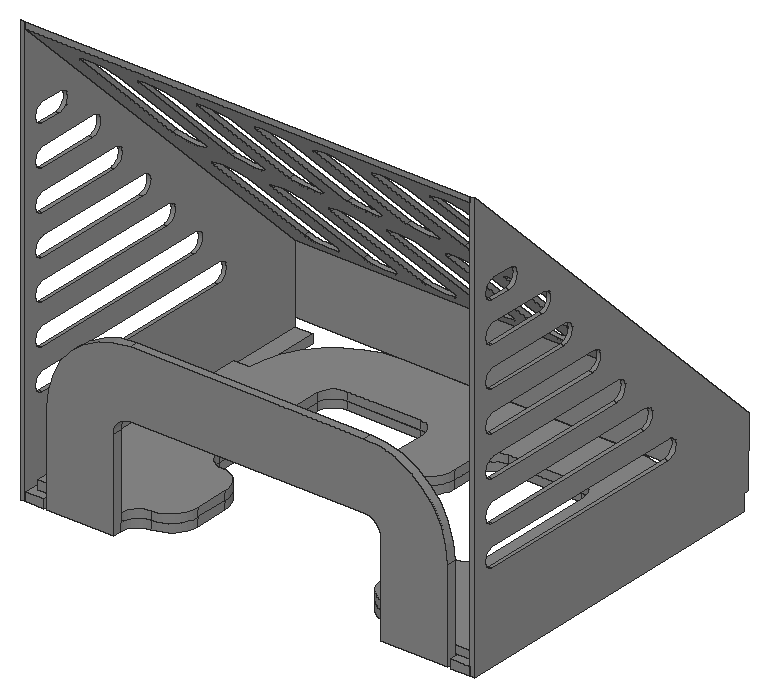
Revit family "Plumbing_Drainage_Menzies-Metal_Strainer-Kit-for-Box-Scupper (4)", category Plumbing Fixtures, host Face, Revit 2018
Family settings
  Host = Face
  Round Connector Dimension = Use Diameter
  Part Type = Normal
  OmniClass Number = 23.70.50.21.24.11
  OmniClass Title = Roof Waste Water Drains
  Cut with Voids When Loaded = No
  Shared = Yes
  Room Calculation Point = No
Parameters (values of type "Strainer Kit for Clamp-TiteBox Scupper")
  Weight = 0.60 lbf
  URL = "https://www.menzies-metal.com/"
  Product data url = "https://bimobject.com/menzies-metal/product/strainer-kit"
  Product Material = Metal - Menzies Metal Products - Mill Aluminum
  Product Guid = "78de3b7e-1688-4911-bb7a-5cdbd38169c8"
  Model = "300-3315"
  Manufacturer = "Menzies Metal Products"  # constant formula
  Edition number = 1
  Description = "\"Strainer Kit for Clamp-Tite Box Scupper\""
  Default Elevation = 4' - 0"
  Assembly Code = "D2040200"
Reference planes (in)
  plane 1 "Center (Front/Back)": y = 0
  plane 2: z = 0
  plane 3 "Center (Left/Right)": x = 0
  plane 4: x = -3.4
  plane 5: x = 3.4
  plane 6: z = 6.395
  plane 7: x = -3.337
  plane 8: x = 3.337
Forms (in)
  Extrusion 1, solid, material "Metal - Menzies Metal Products - Mill Aluminum" <- "Product Material", detail levels coarse
    sketch origin (0, 0, 0) x (0, 1, 0) y (0, 0, 1)
      loop
        line (0, 6.42941) -> (0, 0) -> (5.05013, 0) -> (5.05013, 0.27) -> (5.125, 0.27) -> (5.125, 1.30438) -> (0, 6.42941)
    from -3.4 to 3.4
  Extrusion 2, solid, material "Metal - Menzies Metal Products - Mill Aluminum" <- "Product Material", detail levels coarse
    sketch origin (0, 0, 0) x (0, 1, 0) y (0, 0, 1)
      loop
        line (0.125, 2.62513) -> (0, 2.62513) -> (0, 0) -> (5.05013, 0) -> (5.05013, 0.25) -> (0.125, 0.25) -> (0.125, 2.62513)
    from -3 to 3
  Extrusion 3, solid, material "Metal - Menzies Metal Products - Mill Aluminum" <- "Product Material", detail levels medium+fine
    sketch origin (0, 0, 0) x (1, 0, 0) y (0, 0, 1)
      loop
        arc (-1.75, 2.62513) -> (-2.63388, 2.25902) -> (-3, 1.37513) r 1.25
        line (-3, 1.37513) -> (-3, 0) -> (-2, 0) -> (-2, 1.37513)
        arc (-2, 1.37513) -> (-1.92678, 1.55191) -> (-1.75, 1.62513) r 0.25
        line (-1.75, 1.62513) -> (1.75, 1.62513)
        arc (1.75, 1.62513) -> (1.92678, 1.55191) -> (2, 1.37513) r 0.25
        line (2, 1.37513) -> (2, 0) -> (3, 0) -> (3, 1.37513)
        arc (3, 1.37513) -> (2.63388, 2.25902) -> (1.75, 2.62513) r 1.25
        line (1.75, 2.62513) -> (-1.75, 2.62513)
    from -0.125 to 0
  Extrusion 4, solid, material "Metal - Menzies Metal Products - Mill Aluminum" <- "Product Material", detail levels medium+fine
    sketch origin (0, 0, 0) x (1, 0, 0) y (0, 1, 0)
      loop
        line (-3, 3.80013) -> (-3.25, 3.80013) -> (-3.25, 0.14) -> (-1.99997, 0.14)
        arc (-1.99997, 0.14) -> (-1.93233, 0.31518) -> (-1.76181, 0.39385) r 0.25
        arc (-1.76181, 0.39385) -> (-1.48721, 0.51918) -> (-1.375, 0.7994) r 0.406
        line (-1.375, 0.7994) -> (-1.375, 1.30086)
        arc (-1.375, 1.30086) -> (-1.48721, 1.58108) -> (-1.76181, 1.70641) r 0.406
        arc (-1.76181, 1.70641) -> (-1.93091, 1.78358) -> (-2, 1.95613) r 0.25
        line (-2, 1.95613) -> (-2, 3.80013)
        arc (-2, 3.80013) -> (-1.92678, 3.97691) -> (-1.75, 4.05013) r 0.25
        line (-1.75, 4.05013) -> (-0.656, 4.05013)
        arc (-0.656, 4.05013) -> (-0.47922, 3.97691) -> (-0.406, 3.80013) r 0.25
        line (-0.406, 3.80013) -> (-0.406, 3.36613)
        arc (-0.406, 3.36613) -> (0, 2.96013) -> (0.406, 3.36613) r 0.406
        line (0.406, 3.36613) -> (0.406, 3.80013)
        arc (0.406, 3.80013) -> (0.47922, 3.97691) -> (0.656, 4.05013) r 0.25
        line (0.656, 4.05013) -> (1.75, 4.05013)
        arc (1.75, 4.05013) -> (1.92678, 3.97691) -> (2, 3.80013) r 0.25
        line (2, 3.80013) -> (2, 1.95613)
        arc (2, 1.95613) -> (1.93091, 1.78358) -> (1.76181, 1.70641) r 0.25
        arc (1.76181, 1.70641) -> (1.48721, 1.58108) -> (1.375, 1.30086) r 0.406
        line (1.375, 1.30086) -> (1.375, 0.7994)
        arc (1.375, 0.7994) -> (1.48721, 0.51918) -> (1.76181, 0.39385) r 0.406
        arc (1.76181, 0.39385) -> (1.93233, 0.31518) -> (1.99997, 0.14) r 0.25
        line (1.99997, 0.14) -> (3.25, 0.14) -> (3.25, 3.80013) -> (3, 3.80013)
        arc (3, 3.80013) -> (2.63388, 4.68402) -> (1.75, 5.05013) r 1.25
        line (1.75, 5.05013) -> (-1.75, 5.05013)
        arc (-1.75, 5.05013) -> (-2.63388, 4.68402) -> (-3, 3.80013) r 1.25
    from 0.25 to 0.125
  Extrusion 5, solid, material "Metal - Menzies Metal Products - Mill Aluminum" <- "Product Material", detail levels medium+fine
    sketch origin (0, 0, 0) x (1, 0, 0) y (0, 1, 0)
      loop
        arc (-1.75, 5.05013) -> (-2.63388, 4.68402) -> (-3, 3.80013) r 1.25
        line (-3, 3.80013) -> (-3, 0.125) -> (-1.99927, 0.125)
        arc (-1.99927, 0.125) -> (-1.93738, 0.30963) -> (-1.76181, 0.39385) r 0.25
        arc (-1.76181, 0.39385) -> (-1.48721, 0.51918) -> (-1.375, 0.7994) r 0.406
        line (-1.375, 0.7994) -> (-1.375, 1.30086)
        arc (-1.375, 1.30086) -> (-1.48721, 1.58108) -> (-1.76181, 1.70641) r 0.406
        arc (-1.76181, 1.70641) -> (-1.93091, 1.78358) -> (-2, 1.95613) r 0.25
        line (-2, 1.95613) -> (-2, 3.80013)
        arc (-2, 3.80013) -> (-1.92678, 3.97691) -> (-1.75, 4.05013) r 0.25
        line (-1.75, 4.05013) -> (-0.656, 4.05013)
        arc (-0.656, 4.05013) -> (-0.47922, 3.97691) -> (-0.406, 3.80013) r 0.25
        line (-0.406, 3.80013) -> (-0.406, 3.36613)
        arc (-0.406, 3.36613) -> (0, 2.96013) -> (0.406, 3.36613) r 0.406
        line (0.406, 3.36613) -> (0.406, 3.80013)
        arc (0.406, 3.80013) -> (0.47922, 3.97691) -> (0.656, 4.05013) r 0.25
        line (0.656, 4.05013) -> (1.75, 4.05013)
        arc (1.75, 4.05013) -> (1.92678, 3.97691) -> (2, 3.80013) r 0.25
        line (2, 3.80013) -> (2, 1.95613)
        arc (2, 1.95613) -> (1.93091, 1.78358) -> (1.76181, 1.70641) r 0.25
        arc (1.76181, 1.70641) -> (1.48721, 1.58108) -> (1.375, 1.30086) r 0.406
        line (1.375, 1.30086) -> (1.375, 0.7994)
        arc (1.375, 0.7994) -> (1.48721, 0.51918) -> (1.76181, 0.39385) r 0.406
        arc (1.76181, 0.39385) -> (1.93738, 0.30963) -> (1.99927, 0.125) r 0.25
        line (1.99927, 0.125) -> (3, 0.125) -> (3, 3.80013)
        arc (3, 3.80013) -> (2.63388, 4.68402) -> (1.75, 5.05013) r 1.25
        line (1.75, 5.05013) -> (-1.75, 5.05013)
    from 0 to 0.125
  Extrusion 6, solid, material "Metal - Menzies Metal Products - Mill Aluminum" <- "Product Material", detail levels medium+fine
    sketch origin (0, 0, 0) x (0, 1, 0) y (0, 0, 1)
      loop
        line (5.125, 1.30438) -> (0, 6.42941) -> (0, 0) -> (5.05013, 0) -> (5.05013, 0.25) -> (5.125, 0.25) -> (5.125, 1.30438)
      loop
        line (0.65798, 5.21432) -> (0.35, 5.21432)
        arc (0.35, 5.21432) -> (0.2, 5.06432) -> (0.35, 4.91432) r 0.15
        line (0.35, 4.91432) -> (0.65798, 4.91432)
        arc (0.65798, 4.91432) -> (0.80798, 5.06432) -> (0.65798, 5.21432) r 0.15
      loop
        line (1.28708, 4.61432) -> (0.35, 4.61432)
        arc (0.35, 4.61432) -> (0.2, 4.46432) -> (0.35, 4.31432) r 0.15
        line (0.35, 4.31432) -> (1.28708, 4.31432)
        arc (1.28708, 4.31432) -> (1.43708, 4.46432) -> (1.28708, 4.61432) r 0.15
      loop
        arc (0.35, 4.01432) -> (0.2, 3.86432) -> (0.35, 3.71432) r 0.15
        line (0.35, 3.71432) -> (1.6858, 3.71432)
        arc (1.6858, 3.71432) -> (1.8358, 3.86432) -> (1.6858, 4.01432) r 0.15
        line (1.6858, 4.01432) -> (0.35, 4.01432)
      loop
        arc (0.35, 3.41432) -> (0.2, 3.26432) -> (0.35, 3.11432) r 0.15
        line (0.35, 3.11432) -> (2.22417, 3.11432)
        arc (2.22417, 3.11432) -> (2.37417, 3.26432) -> (2.22417, 3.41432) r 0.15
        line (2.22417, 3.41432) -> (0.35, 3.41432)
      loop
        arc (0.35, 2.81356) -> (0.2, 2.66356) -> (0.35, 2.51356) r 0.15
        line (0.35, 2.51356) -> (2.67876, 2.51356)
        arc (2.67876, 2.51356) -> (2.82876, 2.66356) -> (2.67876, 2.81356) r 0.15
        line (2.67876, 2.81356) -> (0.35, 2.81356)
      loop
        arc (0.35, 2.21356) -> (0.2, 2.06356) -> (0.35, 1.91356) r 0.15
        line (0.35, 1.91356) -> (3.18872, 1.91356)
        arc (3.18872, 1.91356) -> (3.33872, 2.06356) -> (3.18872, 2.21356) r 0.15
        line (3.18872, 2.21356) -> (0.35, 2.21356)
      loop
        arc (0.35, 1.61356) -> (0.2, 1.46356) -> (0.35, 1.31356) r 0.15
        line (0.35, 1.31356) -> (3.63243, 1.31356)
        arc (3.63243, 1.31356) -> (3.78243, 1.46356) -> (3.63243, 1.61356) r 0.15
        line (3.63243, 1.61356) -> (0.35, 1.61356)
    from -3.4 to -3.337
  Extrusion 7, solid, material "Metal - Menzies Metal Products - Mill Aluminum" <- "Product Material", detail levels medium+fine
    sketch origin (0, 0, 0) x (0, 1, 0) y (0, 0, 1)
      loop
        line (3.63243, 1.61356) -> (0.35, 1.61356)
        arc (0.35, 1.61356) -> (0.2, 1.46356) -> (0.35, 1.31356) r 0.15
        line (0.35, 1.31356) -> (3.63243, 1.31356)
        arc (3.63243, 1.31356) -> (3.78243, 1.46356) -> (3.63243, 1.61356) r 0.15
      loop
        line (3.18872, 2.21356) -> (0.35, 2.21356)
        arc (0.35, 2.21356) -> (0.2, 2.06356) -> (0.35, 1.91356) r 0.15
        line (0.35, 1.91356) -> (3.18872, 1.91356)
        arc (3.18872, 1.91356) -> (3.33872, 2.06356) -> (3.18872, 2.21356) r 0.15
      loop
        line (2.67876, 2.81356) -> (0.35, 2.81356)
        arc (0.35, 2.81356) -> (0.2, 2.66356) -> (0.35, 2.51356) r 0.15
        line (0.35, 2.51356) -> (2.67876, 2.51356)
        arc (2.67876, 2.51356) -> (2.82876, 2.66356) -> (2.67876, 2.81356) r 0.15
      loop
        line (2.22417, 3.41432) -> (0.35, 3.41432)
        arc (0.35, 3.41432) -> (0.2, 3.26432) -> (0.35, 3.11432) r 0.15
        line (0.35, 3.11432) -> (2.22417, 3.11432)
        arc (2.22417, 3.11432) -> (2.37417, 3.26432) -> (2.22417, 3.41432) r 0.15
      loop
        line (1.6858, 4.01432) -> (0.35, 4.01432)
        arc (0.35, 4.01432) -> (0.2, 3.86432) -> (0.35, 3.71432) r 0.15
        line (0.35, 3.71432) -> (1.6858, 3.71432)
        arc (1.6858, 3.71432) -> (1.8358, 3.86432) -> (1.6858, 4.01432) r 0.15
      loop
        line (1.28708, 4.61432) -> (0.35, 4.61432)
        arc (0.35, 4.61432) -> (0.2, 4.46432) -> (0.35, 4.31432) r 0.15
        line (0.35, 4.31432) -> (1.28708, 4.31432)
        arc (1.28708, 4.31432) -> (1.43708, 4.46432) -> (1.28708, 4.61432) r 0.15
      loop
        line (0.65798, 5.21432) -> (0.35, 5.21432)
        arc (0.35, 5.21432) -> (0.2, 5.06432) -> (0.35, 4.91432) r 0.15
        line (0.35, 4.91432) -> (0.65798, 4.91432)
        arc (0.65798, 4.91432) -> (0.80798, 5.06432) -> (0.65798, 5.21432) r 0.15
      loop
        line (0, 0) -> (5.05013, 0) -> (5.05013, 0.25) -> (5.125, 0.25) -> (5.125, 1.30438) -> (0, 6.42941) -> (0, 0)
    from 3.337 to 3.4
  Extrusion 8, solid, material "Metal - Menzies Metal Products - Mill Aluminum" <- "Product Material", detail levels medium+fine
    sketch origin (0, 0, 0) x (0, 1, 0) y (0, 0, 1)
      loop
        line (5.0625, 0.25) -> (5.125, 0.25) -> (5.125, 1.30438) -> (0, 6.42941) -> (0, 6.34102) -> (5.0625, 1.27849) -> (5.0625, 0.25)
    from -3.337 to 3.337
  Extrusion 9, void
    sketch origin (0, 0, 0) x (1, 0, 0) y (0, 0, 1)
      loop
        spline (-2.875, 4.15971) -> (-2.86648, 4.11395) -> (-2.84151, 4.07132) -> (-2.80178, 4.03471) -> (-2.75, 4.00661) -> (-2.6897, 3.98895) -> (-2.625, 3.98293) -> (-2.5603, 3.98895) -> (-2.5, 4.00661) -> (-2.44822, 4.03471) -> (-2.40849, 4.07132) -> (-2.38352, 4.11395) -> (-2.375, 4.15971)
        line (-2.375, 4.15971) -> (-2.375, 5.8449)
        spline (-2.375, 5.8449) -> (-2.38352, 5.89065) -> (-2.40849, 5.93329) -> (-2.44822, 5.9699) -> (-2.5, 5.99799) -> (-2.5603, 6.01565) -> (-2.625, 6.02167) -> (-2.6897, 6.01565) -> (-2.75, 5.99799) -> (-2.80178, 5.9699) -> (-2.84151, 5.93329) -> (-2.86648, 5.89065) -> (-2.875, 5.8449)
        line (-2.875, 5.8449) -> (-2.875, 4.15971)
      loop
        spline (-0.25, 4.15971) -> (-0.24148, 4.11395) -> (-0.21651, 4.07132) -> (-0.17678, 4.03471) -> (-0.125, 4.00661) -> (-0.0647, 3.98895) -> (0, 3.98293) -> (0.0647, 3.98895) -> (0.125, 4.00661) -> (0.17678, 4.03471) -> (0.21651, 4.07132) -> (0.24148, 4.11395) -> (0.25, 4.15971)
        line (0.25, 4.15971) -> (0.25, 5.8449)
        spline (0.25, 5.8449) -> (0.24148, 5.89065) -> (0.21651, 5.93329) -> (0.17678, 5.9699) -> (0.125, 5.99799) -> (0.0647, 6.01565) -> (0, 6.02167) -> (-0.0647, 6.01565) -> (-0.125, 5.99799) -> (-0.17678, 5.9699) -> (-0.21651, 5.93329) -> (-0.24148, 5.89065) -> (-0.25, 5.8449)
        line (-0.25, 5.8449) -> (-0.25, 4.15971)
      loop
        spline (-1.99831, 4.15971) -> (-1.98979, 4.11395) -> (-1.96481, 4.07132) -> (-1.92508, 4.03471) -> (-1.87331, 4.00661) -> (-1.81301, 3.98895) -> (-1.74831, 3.98293) -> (-1.6836, 3.98895) -> (-1.62331, 4.00661) -> (-1.57153, 4.03471) -> (-1.5318, 4.07132) -> (-1.50682, 4.11395) -> (-1.49831, 4.15971)
        line (-1.49831, 4.15971) -> (-1.49831, 5.8449)
        spline (-1.49831, 5.8449) -> (-1.50682, 5.89065) -> (-1.5318, 5.93329) -> (-1.57153, 5.9699) -> (-1.62331, 5.99799) -> (-1.6836, 6.01565) -> (-1.74831, 6.02167) -> (-1.81301, 6.01565) -> (-1.87331, 5.99799) -> (-1.92508, 5.9699) -> (-1.96481, 5.93329) -> (-1.98979, 5.89065) -> (-1.99831, 5.8449)
        line (-1.99831, 5.8449) -> (-1.99831, 4.15971)
      loop
        spline (-1.125, 4.15971) -> (-1.11648, 4.11395) -> (-1.09151, 4.07132) -> (-1.05178, 4.03471) -> (-1, 4.00661) -> (-0.9397, 3.98895) -> (-0.875, 3.98293) -> (-0.8103, 3.98895) -> (-0.75, 4.00661) -> (-0.69822, 4.03471) -> (-0.65849, 4.07132) -> (-0.63352, 4.11395) -> (-0.625, 4.15971)
        line (-0.625, 4.15971) -> (-0.625, 5.8449)
        spline (-0.625, 5.8449) -> (-0.63352, 5.89065) -> (-0.65849, 5.93329) -> (-0.69822, 5.9699) -> (-0.75, 5.99799) -> (-0.8103, 6.01565) -> (-0.875, 6.02167) -> (-0.9397, 6.01565) -> (-1, 5.99799) -> (-1.05178, 5.9699) -> (-1.09151, 5.93329) -> (-1.11648, 5.89065) -> (-1.125, 5.8449)
        line (-1.125, 5.8449) -> (-1.125, 4.15971)
      loop
        line (2.875, 4.15971) -> (2.875, 5.8449)
        spline (2.875, 5.8449) -> (2.86648, 5.89065) -> (2.84151, 5.93329) -> (2.80178, 5.9699) -> (2.75, 5.99799) -> (2.6897, 6.01565) -> (2.625, 6.02167) -> (2.5603, 6.01565) -> (2.5, 5.99799) -> (2.44822, 5.9699) -> (2.40849, 5.93329) -> (2.38352, 5.89065) -> (2.375, 5.8449)
        line (2.375, 5.8449) -> (2.375, 4.15971)
        spline (2.375, 4.15971) -> (2.38352, 4.11395) -> (2.40849, 4.07132) -> (2.44822, 4.03471) -> (2.5, 4.00661) -> (2.5603, 3.98895) -> (2.625, 3.98293) -> (2.6897, 3.98895) -> (2.75, 4.00661) -> (2.80178, 4.03471) -> (2.84151, 4.07132) -> (2.86648, 4.11395) -> (2.875, 4.15971)
      loop
        line (1.99831, 4.15971) -> (1.99831, 5.8449)
        spline (1.99831, 5.8449) -> (1.98979, 5.89065) -> (1.96481, 5.93329) -> (1.92508, 5.9699) -> (1.87331, 5.99799) -> (1.81301, 6.01565) -> (1.74831, 6.02167) -> (1.6836, 6.01565) -> (1.62331, 5.99799) -> (1.57153, 5.9699) -> (1.5318, 5.93329) -> (1.50682, 5.89065) -> (1.49831, 5.8449)
        line (1.49831, 5.8449) -> (1.49831, 4.15971)
        spline (1.49831, 4.15971) -> (1.50682, 4.11395) -> (1.5318, 4.07132) -> (1.57153, 4.03471) -> (1.62331, 4.00661) -> (1.6836, 3.98895) -> (1.74831, 3.98293) -> (1.81301, 3.98895) -> (1.87331, 4.00661) -> (1.92508, 4.03471) -> (1.96481, 4.07132) -> (1.98979, 4.11395) -> (1.99831, 4.15971)
      loop
        line (1.125, 4.15971) -> (1.125, 5.8449)
        spline (1.125, 5.8449) -> (1.11648, 5.89065) -> (1.09151, 5.93329) -> (1.05178, 5.9699) -> (1, 5.99799) -> (0.9397, 6.01565) -> (0.875, 6.02167) -> (0.8103, 6.01565) -> (0.75, 5.99799) -> (0.69822, 5.9699) -> (0.65849, 5.93329) -> (0.63352, 5.89065) -> (0.625, 5.8449)
        line (0.625, 5.8449) -> (0.625, 4.15971)
        spline (0.625, 4.15971) -> (0.63352, 4.11395) -> (0.65849, 4.07132) -> (0.69822, 4.03471) -> (0.75, 4.00661) -> (0.8103, 3.98895) -> (0.875, 3.98293) -> (0.9397, 3.98895) -> (1, 4.00661) -> (1.05178, 4.03471) -> (1.09151, 4.07132) -> (1.11648, 4.11395) -> (1.125, 4.15971)
      loop
        spline (-2.875, 1.68554) -> (-2.86648, 1.63978) -> (-2.84151, 1.59715) -> (-2.80178, 1.56054) -> (-2.75, 1.53244) -> (-2.6897, 1.51478) -> (-2.625, 1.50876) -> (-2.5603, 1.51478) -> (-2.5, 1.53244) -> (-2.44822, 1.56054) -> (-2.40849, 1.59715) -> (-2.38352, 1.63978) -> (-2.375, 1.68554)
        line (-2.375, 1.68554) -> (-2.375, 3.37073)
        spline (-2.375, 3.37073) -> (-2.38352, 3.41648) -> (-2.40849, 3.45912) -> (-2.44822, 3.49573) -> (-2.5, 3.52382) -> (-2.5603, 3.54148) -> (-2.625, 3.54751) -> (-2.6897, 3.54148) -> (-2.75, 3.52382) -> (-2.80178, 3.49573) -> (-2.84151, 3.45912) -> (-2.86648, 3.41648) -> (-2.875, 3.37073)
        line (-2.875, 3.37073) -> (-2.875, 1.68554)
      loop
        spline (-0.25, 1.68554) -> (-0.24148, 1.63978) -> (-0.21651, 1.59715) -> (-0.17678, 1.56054) -> (-0.125, 1.53244) -> (-0.0647, 1.51478) -> (0, 1.50876) -> (0.0647, 1.51478) -> (0.125, 1.53244) -> (0.17678, 1.56054) -> (0.21651, 1.59715) -> (0.24148, 1.63978) -> (0.25, 1.68554)
        line (0.25, 1.68554) -> (0.25, 3.37073)
        spline (0.25, 3.37073) -> (0.24148, 3.41648) -> (0.21651, 3.45912) -> (0.17678, 3.49573) -> (0.125, 3.52382) -> (0.0647, 3.54148) -> (0, 3.54751) -> (-0.0647, 3.54148) -> (-0.125, 3.52382) -> (-0.17678, 3.49573) -> (-0.21651, 3.45912) -> (-0.24148, 3.41648) -> (-0.25, 3.37073)
        line (-0.25, 3.37073) -> (-0.25, 1.68554)
      loop
        spline (-1.99831, 1.68554) -> (-1.98979, 1.63978) -> (-1.96481, 1.59715) -> (-1.92508, 1.56054) -> (-1.87331, 1.53244) -> (-1.81301, 1.51478) -> (-1.74831, 1.50876) -> (-1.6836, 1.51478) -> (-1.62331, 1.53244) -> (-1.57153, 1.56054) -> (-1.5318, 1.59715) -> (-1.50682, 1.63978) -> (-1.49831, 1.68554)
        line (-1.49831, 1.68554) -> (-1.49831, 3.37073)
        spline (-1.49831, 3.37073) -> (-1.50682, 3.41648) -> (-1.5318, 3.45912) -> (-1.57153, 3.49573) -> (-1.62331, 3.52382) -> (-1.6836, 3.54148) -> (-1.74831, 3.54751) -> (-1.81301, 3.54148) -> (-1.87331, 3.52382) -> (-1.92508, 3.49573) -> (-1.96481, 3.45912) -> (-1.98979, 3.41648) -> (-1.99831, 3.37073)
        line (-1.99831, 3.37073) -> (-1.99831, 1.68554)
      loop
        spline (-1.125, 1.68554) -> (-1.11648, 1.63978) -> (-1.09151, 1.59715) -> (-1.05178, 1.56054) -> (-1, 1.53244) -> (-0.9397, 1.51478) -> (-0.875, 1.50876) -> (-0.8103, 1.51478) -> (-0.75, 1.53244) -> (-0.69822, 1.56054) -> (-0.65849, 1.59715) -> (-0.63352, 1.63978) -> (-0.625, 1.68554)
        line (-0.625, 1.68554) -> (-0.625, 3.37073)
        spline (-0.625, 3.37073) -> (-0.63352, 3.41648) -> (-0.65849, 3.45912) -> (-0.69822, 3.49573) -> (-0.75, 3.52382) -> (-0.8103, 3.54148) -> (-0.875, 3.54751) -> (-0.9397, 3.54148) -> (-1, 3.52382) -> (-1.05178, 3.49573) -> (-1.09151, 3.45912) -> (-1.11648, 3.41648) -> (-1.125, 3.37073)
        line (-1.125, 3.37073) -> (-1.125, 1.68554)
      loop
        line (2.875, 1.68554) -> (2.875, 3.37073)
        spline (2.875, 3.37073) -> (2.86648, 3.41648) -> (2.84151, 3.45912) -> (2.80178, 3.49573) -> (2.75, 3.52382) -> (2.6897, 3.54148) -> (2.625, 3.54751) -> (2.5603, 3.54148) -> (2.5, 3.52382) -> (2.44822, 3.49573) -> (2.40849, 3.45912) -> (2.38352, 3.41648) -> (2.375, 3.37073)
        line (2.375, 3.37073) -> (2.375, 1.68554)
        spline (2.375, 1.68554) -> (2.38352, 1.63978) -> (2.40849, 1.59715) -> (2.44822, 1.56054) -> (2.5, 1.53244) -> (2.5603, 1.51478) -> (2.625, 1.50876) -> (2.6897, 1.51478) -> (2.75, 1.53244) -> (2.80178, 1.56054) -> (2.84151, 1.59715) -> (2.86648, 1.63978) -> (2.875, 1.68554)
      loop
        line (1.99831, 1.68554) -> (1.99831, 3.37073)
        spline (1.99831, 3.37073) -> (1.98979, 3.41648) -> (1.96481, 3.45912) -> (1.92508, 3.49573) -> (1.87331, 3.52382) -> (1.81301, 3.54148) -> (1.74831, 3.54751) -> (1.6836, 3.54148) -> (1.62331, 3.52382) -> (1.57153, 3.49573) -> (1.5318, 3.45912) -> (1.50682, 3.41648) -> (1.49831, 3.37073)
        line (1.49831, 3.37073) -> (1.49831, 1.68554)
        spline (1.49831, 1.68554) -> (1.50682, 1.63978) -> (1.5318, 1.59715) -> (1.57153, 1.56054) -> (1.62331, 1.53244) -> (1.6836, 1.51478) -> (1.74831, 1.50876) -> (1.81301, 1.51478) -> (1.87331, 1.53244) -> (1.92508, 1.56054) -> (1.96481, 1.59715) -> (1.98979, 1.63978) -> (1.99831, 1.68554)
      loop
        line (1.125, 1.68554) -> (1.125, 3.37073)
        spline (1.125, 3.37073) -> (1.11648, 3.41648) -> (1.09151, 3.45912) -> (1.05178, 3.49573) -> (1, 3.52382) -> (0.9397, 3.54148) -> (0.875, 3.54751) -> (0.8103, 3.54148) -> (0.75, 3.52382) -> (0.69822, 3.49573) -> (0.65849, 3.45912) -> (0.63352, 3.41648) -> (0.625, 3.37073)
        line (0.625, 3.37073) -> (0.625, 1.68554)
        spline (0.625, 1.68554) -> (0.63352, 1.63978) -> (0.65849, 1.59715) -> (0.69822, 1.56054) -> (0.75, 1.53244) -> (0.8103, 1.51478) -> (0.875, 1.50876) -> (0.9397, 1.51478) -> (1, 1.53244) -> (1.05178, 1.56054) -> (1.09151, 1.59715) -> (1.11648, 1.63978) -> (1.125, 1.68554)
    from -5.05013 to -0.0625
  Extrusion 10, solid, material "Metal - Menzies Metal Products - Mill Aluminum" <- "Product Material", detail levels medium+fine
    sketch origin (0, 0, 0) x (1, 0, 0) y (0, 1, 0)
      loop
        line (-3.05, 5.042) -> (-3.337, 5.042) -> (-3.337, 0) -> (-3.05, 0) -> (-3.05, 5.042)
      loop
        line (3.05, 5.042) -> (3.05, 0) -> (3.337, 0) -> (3.337, 5.042) -> (3.05, 5.042)
    from 0 to 0.125
Cuts and joins
  Extrusion 9 cuts Extrusion 8
Lines and regions (in)
  Masking region 1
    outline origin (0, 0, 0) x (1, 0, 0) y (0, 0, 1)
      loop
        line (-3.4, 6.395) -> (-3.4, 0) -> (3.4, 0) -> (3.4, 6.395) -> (-3.4, 6.395)
Dimensions and locks (in)
  locked: plane 6 to host face at 6.395
  plane 5 to plane 3 "Center (Left/Right)" to plane 4 = 0' - 3.4" locked, 0' - 3.4" locked
  locked: plane 7 to plane 4 at 0.063
  locked: plane 8 to plane 5 at 0.063
  aligned and locked: plane 2 to host face
  aligned and locked: level to host face
  aligned and locked: plane 1 "Center (Front/Back)" to Extrusion 1 sketch curve
  aligned and locked: host face to Extrusion 1 sketch curve
  aligned and locked: Extrusion 1 to plane 4
  aligned and locked: plane 5 to Extrusion 1
  aligned and locked: Masking region 1 sketch curve to plane 6
  aligned and locked: Extrusion 1 to Masking region 1 sketch curve
  aligned and locked: Masking region 1 sketch curve to Extrusion 1
  aligned and locked: host face to Masking region 1 sketch curve
  aligned and locked: Extrusion 1 to Extrusion 2 sketch curve
  aligned and locked: host face to Extrusion 2 sketch curve
  aligned and locked: Extrusion 2 sketch curve to Extrusion 1
  aligned and locked: Extrusion 2 to Extrusion 3 sketch curve  (x2)
  aligned and locked: Extrusion 3 sketch curve to Extrusion 2
  aligned and locked: host face to Extrusion 3 sketch curve  (x2)
  aligned and locked: plane 1 "Center (Front/Back)" to Extrusion 3
  aligned and locked: Extrusion 5 to level
  aligned and locked: Extrusion 6 to plane 4
  aligned and locked: plane 7 to Extrusion 6
  aligned and locked: Extrusion 7 to plane 8
  aligned and locked: plane 5 to Extrusion 7
  aligned and locked: Extrusion 8 to plane 7
  aligned and locked: Extrusion 8 to plane 8
